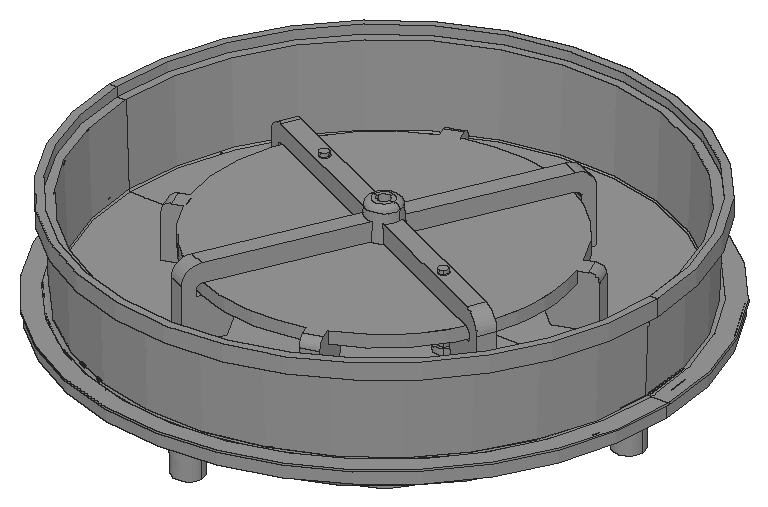
Revit family "MH-X01", category Plumbing Fixtures, Revit 2015
Parameters (values of type "MH-301")
  r2 = (12.59843" - 11.14173") / 2  # 0.72835"
  od3 = 0.19497"
  od2 = od1 - 0.07874"  # 0.31496"
  od1 = 0.3937"
  max dia = 25/64"
  linearW = 2.12598"
  linearL = 0.98425"
  id3 = od3 / 2  # 0.09748"
  id1 = od1 / 2  # 0.19685"
  URL = "www.mifab.com"
  SC2 = SC1 / 1.5  # 0.11087"
  SC1 = 0.1663"
  RP2 = id1  # 0.19685"
  Model = "MH-301"
  Manufacturer = "MIFAB\r\n\r\nMIFAB\r\nMIFAB"
  Description = "3\" HydroMax Siphonic Overflow Roof Drain"
  R bottom = 1.35827"
  Default Elevation = 48"
  D1 [instance] = 2 * R bottom  # 2.71654"
  C'1 = C' + 0.41339"  # 4.05512"
  C' = C / 2  # 3.64173"
  RP1 = od2 / 2  # 0.15748"
  R1 = 1.9685" / 9.375  # 0.20997"
  PIPE SIZE' = PIPE SIZE / 2  # 1.47638"
  PIPE SIZE = 2.95276"
  Material [instance] = Stainless Steel AISI 304
  D = 3.11024"
  C = 7.28346"
  B01 = B' - od1  # 5.49213"
  B' = B / 2  # 5.88583"
  B = 11.77165"
  A' = A / 2  # 6.49606"
  A = 12.99213"
Types (5): name | od3 | od2 | od1 | max dia | linearW | linearL | id3 | id1 | RP2 | Model | Description | C'1 | C' | RP1 | PIPE SIZE' | PIPE SIZE | D | C | B01 | B' | B | A' | A
  (no name) | 0.19497" | 0.31496" | 0.3937" | 25/64" | 2.12598" | 0.98425" | 0.09748" | 0.19685" | 0.19685" | "MH-301" | "3\" HydroMax Siphonic Overflow Roof Drain" | 4.05512" | 3.64173" | 0.15748" | 1.47638" | 2.95276" | 3.11024" | 7.28346" | 5.49213" | 5.88583" | 11.77165" | 6.49606" | 12.99213"
  MH-301 | 0.19497" | 0.31496" | 0.3937" | 25/64" | 2.12598" | 0.98425" | 0.09748" | 0.19685" | 0.19685" | "MH-301" | "3\" HydroMax Siphonic Overflow Roof Drain" | 4.05512" | 3.64173" | 0.15748" | 1.47638" | 2.95276" | 3.11024" | 7.28346" | 5.49213" | 5.88583" | 11.77165" | 6.49606" | 12.99213"
  MH-401 | 0.19497" | 0.31496" | 0.3937" | 141/256" | 3.54331" | 1.65354" | 0.09748" | 0.19685" | 0.19685" | "MH-401" | "4\" HydroMax Siphonic Overflow Roof Drain" | 5.74803" | 5.33465" | 0.15748" | 1.9685" | 3.93701" | 3.54331" | 10.66929" | 8.52362" | 8.91732" | 17.83465" | 9.68504" | 19.37008"
  MH-501 | 0.19497" | 0.3937" | 0.47244" | 141/256" | 3.93701" | 1.83071" | 0.09748" | 0.23622" | 0.23622" | "MH-501" | "5\" HydroMax Siphonic Overflow Roof Drain" | 6.51575" | 6.10236" | 0.19685" | 2.46063" | 4.92126" | 4.33071" | 12.20472" | 8.44488" | 8.91732" | 17.83465" | 9.68504" | 19.37008"
  MH-601 | 0.27559" | 0.47244" | 0.55118" | 1 17/64" | 5.51181" | 2.55906" | 0.1378" | 0.27559" | 0.27559" | "MH-601" | "6\" HydroMax Siphonic Overflow Roof Drain" | 8.18898" | 7.77559" | 0.23622" | 2.95276" | 5.90551" | 4.72441" | 15.55118" | 10.59055" | 11.14173" | 22.28346" | 12.59843" | 25.19685"
Reference planes (in)
  plane 1 "Center (Front/Back)": y = 0
  plane 2: z = 0
  plane 3 "Center (Left/Right)": x = 0
  plane 4: x = -5.88583
  plane 5: x = -1.47638
  plane 6: z = -3.11024
  plane 7: x = -10.67639
  plane 8 "30.16": z = -1.1874
  plane 9: y = 5.88583
  plane 10: y = -5.88583
  plane 11: x = 5.88583
  plane 12: y = 5.49213
  plane 13: y = -5.49213
  plane 14: x = -5.49213
  plane 15: x = 5.49213
  plane 16: z = -1.50236
  plane 17: x = 3.64173
  plane 18: x = -3.64173
  plane 19: y = 3.64173
  plane 20: y = -3.64173
  plane 21: through (-3.9624, 1.85193, 47.24409) normal (0.4226, 0.9063, 0)
  plane 22: through (1.68821, 3.64509, 47.24409) normal (0.9063, -0.4226, 0)
  plane 23: through (0.00098, -0.00221, 47.24409) normal (0.342, -0.9397, 0)
  plane 24: through (0, 0, 47.24409) normal (0.9397, 0.342, 0)
  plane 25: x = 2.12598
  plane 26: y = -0.98425
  plane 27: through (27.53366, 1.85193, 47.24409) normal (0.4226, 0.9063, 0)
  plane 28: through (31.50514, 0, 47.24409) normal (-0.9063, 0.4226, 0)
  plane 29: z = 2.02323
Forms (in)
  Revolve 1, solid, material "Stainless Steel AISI 304" <- "Material"
    sketch origin (0, 0, 0) x (1, 0, 0) y (0, 0, 1)
      loop
        line (-1.47638, -3.11024) -> (-1.35827, -3.11024) -> (-1.35827, -1.69291)
        arc (-1.35827, -1.69291) -> (-1.6445, -0.99713) -> (-2.33935, -0.70866) r 0.98109
        line (-2.33935, -0.70866) -> (-5.42977, -0.70866) -> (-5.83536, -0.1456)
        arc (-5.83536, -0.1456) -> (-5.96308, -0.06025) -> (-6.11374, -0.03028) r 0.3937
        line (-6.11374, -0.03028) -> (-6.34843, -0.03028) -> (-6.34843, -0.30588) -> (-6.19094, -0.30588)
        arc (-6.19094, -0.30588) -> (-6.03839, -0.23141) -> (-5.88583, -0.30588) r 0.19351
        line (-5.88583, -0.30588) -> (-5.47576, -0.82677) -> (-2.46063, -0.82677)
        arc (-2.46063, -0.82677) -> (-1.76466, -1.11505) -> (-1.47638, -1.81102) r 0.98425
        line (-1.47638, -1.81102) -> (-1.47638, -3.11024)
      axis (0, -0.03028) -> (0, -3.11024)
    angle from 0 to 360
  Extrusion 2, void
    sketch origin (0, 0, 0) x (1, 0, 0) y (0, 1, 0)
      loop
        circle (0, 5.49213) r 0.19685
      loop
        circle (5.49213, 0) r 0.19685
      loop
        circle (-5.49213, 0) r 0.19685
      loop
        circle (0, -5.49213) r 0.19685
    from -1.9685 to -0.82677
  Revolve 3, solid, material "Stainless Steel AISI 304" <- "Material"
    sketch origin (0, 0, 0) x (1, 0, 0) y (0, 0, 1)
      loop
        line (-6.39725, -0.03028) -> (-6.00663, -0.03028)
        arc (-6.00663, -0.03028) -> (-5.94327, -0.04007) -> (-5.88583, -0.06851) r 0.20997
        line (-5.88583, -0.06851) -> (-5.77012, -0.22777) -> (0, -0.22777) -> (0, -0.1884) -> (-5.75006, -0.1884) -> (-5.85726, -0.04085)
        arc (-5.85726, -0.04085) -> (-5.92791, -0.00387) -> (-6.00663, 0.00889) r 0.24915
        line (-6.00663, 0.00889) -> (-6.39725, 0.00889) -> (-6.39725, -0.03028)
      axis (0, -0.22777) -> (0, 0.00889)
    angle from 0 to 360
  Revolve 4, void
    sketch origin (0, 0, 0) x (1, 0, 0) y (0, 0, 1)
      loop
        line (-3.64173, 0.00889) -> (-3.99784, 0.00889)
        arc (-3.99784, 0.00889) -> (-3.96759, -0.02595) -> (-3.95669, -0.07078) r 0.09771
        line (-3.95669, -0.07078) -> (-3.95669, -0.30588) -> (-3.64173, -0.30588) -> (-3.64173, 0.00889)
      axis (-3.64173, 0.00889) -> (-3.64173, -0.30588)
    angle from 0 to 360
  Revolve 5, solid, material "Stainless Steel AISI 304" <- "Material"
    sketch origin (0, 0, 0) x (1, 0, 0) y (0, 0, 1)
      loop
        line (0, -0.1884) -> (0, 0.02267) -> (-5.70043, 0.02267) -> (-5.73089, 0.05314) -> (-5.79276, 1.82496) -> (-5.98816, 1.82496) -> (-5.98816, 2.02323) -> (-6.14564, 2.02323) -> (-6.14564, 1.66748) -> (-5.94484, 1.66748) -> (-5.88583, -0.02246) -> (-5.85726, -0.04085) -> (-5.75006, -0.1884) -> (0, -0.1884)
      axis (0, -0.1884) -> (0, 2.02323)
    angle from 0 to 360
  Revolve 6, void
    sketch origin (0, 0, 0) x (-1, 0, 0) y (0, 0, 1)
      loop
        line (-3.64173, 0.00889) -> (-3.99784, 0.00889)
        arc (-3.99784, 0.00889) -> (-3.96759, -0.02595) -> (-3.95669, -0.07078) r 0.09771
        line (-3.95669, -0.07078) -> (-3.95669, -0.30588) -> (-3.64173, -0.30588) -> (-3.64173, 0.00889)
      axis (-3.64173, 0.00889) -> (-3.64173, -0.30588)
    angle from 0 to 360
  Revolve 7, void
    sketch origin (-3.64173, -3.64173, 0) x (-1, 0, 0) y (0, 0, 1)
      loop
        line (-3.64173, 0.00889) -> (-4.03721, 0.00889)
        arc (-4.03721, 0.00889) -> (-4.00696, -0.02595) -> (-3.99606, -0.07078) r 0.09771
        line (-3.99606, -0.07078) -> (-3.99606, -0.30588) -> (-3.64173, -0.30588) -> (-3.64173, 0.00889)
      axis (-3.64173, 0.00889) -> (-3.64173, -0.30588)
    angle from 0 to 360
  Revolve 8, void
    sketch origin (-3.64173, 3.64173, 0) x (-1, 0, 0) y (0, 0, 1)
      loop
        line (-3.64173, 0.00889) -> (-4.03721, 0.00889)
        arc (-4.03721, 0.00889) -> (-4.00696, -0.02595) -> (-3.99606, -0.07078) r 0.09771
        line (-3.99606, -0.07078) -> (-3.99606, -0.30588) -> (-3.64173, -0.30588) -> (-3.64173, 0.00889)
      axis (-3.64173, 0.00889) -> (-3.64173, -0.30588)
    angle from 0 to 360
  Revolve 9, solid, material "Stainless Steel AISI 304" <- "Material"
    sketch origin (0, 0, 0) x (1, 0, 0) y (0, 0, 1)
      loop
        line (-3.91891, 0.00889) -> (-3.85191, -0.13565) -> (-3.80804, -0.13565) -> (-3.80804, -1.07116) -> (-3.77117, -1.10803) -> (-3.75901, -1.15338) -> (-3.725, -1.1874) -> (-3.64173, -1.1874) -> (-3.64173, 0.00889) -> (-3.91891, 0.00889)
      axis (-3.64173, -1.1874) -> (-3.64173, 0.00889)
    angle from 0 to 360
  Revolve 10, solid, material "Stainless Steel AISI 304" <- "Material"
    sketch origin (0, 0, 0) x (-1, 0, 0) y (0, 0, 1)
      loop
        line (-3.91891, 0.00889) -> (-3.85191, -0.13565) -> (-3.80804, -0.13565) -> (-3.80804, -1.07116) -> (-3.77117, -1.10803) -> (-3.75901, -1.15338) -> (-3.725, -1.1874) -> (-3.64173, -1.1874) -> (-3.64173, 0.00889) -> (-3.91891, 0.00889)
      axis (-3.64173, -1.1874) -> (-3.64173, 0.00889)
    angle from 0 to 360
  Revolve 11, solid, material "Stainless Steel AISI 304" <- "Material"
    sketch origin (-3.64173, -3.64173, 0) x (-1, 0, 0) y (0, 0, 1)
      loop
        line (-3.91891, 0.00889) -> (-3.85191, -0.13565) -> (-3.80804, -0.13565) -> (-3.80804, -1.07116) -> (-3.77117, -1.10803) -> (-3.75901, -1.15338) -> (-3.725, -1.1874) -> (-3.64173, -1.1874) -> (-3.64173, 0.00889) -> (-3.91891, 0.00889)
      axis (-3.64173, -1.1874) -> (-3.64173, 0.00889)
    angle from 0 to 360
  Revolve 12, solid, material "Stainless Steel AISI 304" <- "Material"
    sketch origin (-3.64173, 3.64173, 0) x (-1, 0, 0) y (0, 0, 1)
      loop
        line (-3.91891, 0.00889) -> (-3.85191, -0.13565) -> (-3.80804, -0.13565) -> (-3.80804, -1.07116) -> (-3.77117, -1.10803) -> (-3.75901, -1.15338) -> (-3.725, -1.1874) -> (-3.64173, -1.1874) -> (-3.64173, 0.00889) -> (-3.91891, 0.00889)
      axis (-3.64173, -1.1874) -> (-3.64173, 0.00889)
    angle from 0 to 360
  Revolve 13, solid, material "Stainless Steel AISI 304" <- "Material"
    sketch origin (0, 0, 0) x (0, -1, 0) y (0, 0, 1)
      loop
        line (-3.95111, -1.50493) -> (-3.64173, -1.50493) -> (-3.64173, -0.82677) -> (-4.0951, -0.82677)
        arc (-4.0951, -0.82677) -> (-4.05198, -0.85705) -> (-4.03543, -0.90707) r 0.08386
        line (-4.03543, -0.90707) -> (-3.98863, -1.47078)
        arc (-3.98863, -1.47078) -> (-3.97647, -1.49511) -> (-3.95111, -1.50493) r 0.03769
      axis (-3.64173, -1.50493) -> (-3.64173, -0.82677)
    angle from 0 to 360
  Revolve 14, solid, material "Stainless Steel AISI 304" <- "Material"
    sketch origin (3.64173, -7.77559, 0) x (0, -1, 0) y (0, 0, 1)
      loop
        line (-8.08496, -1.50493) -> (-7.77559, -1.50493) -> (-7.77559, -0.82677) -> (-8.22896, -0.82677)
        arc (-8.22896, -0.82677) -> (-8.18584, -0.85705) -> (-8.16929, -0.90707) r 0.08386
        line (-8.16929, -0.90707) -> (-8.12249, -1.47078)
        arc (-8.12249, -1.47078) -> (-8.11033, -1.49511) -> (-8.08496, -1.50493) r 0.03769
      axis (-7.77559, -1.50493) -> (-7.77559, -0.82677)
    angle from 0 to 360
  Revolve 15, solid, material "Stainless Steel AISI 304" <- "Material"
    sketch origin (0, 0, 0) x (1, 0, 0) y (0, 0, 1)
      loop
        arc (5.82418, -0.42226) -> (5.84804, -0.36038) -> (5.88583, -0.30588) r 0.27909
        line (5.88583, -0.30588) -> (5.49213, -0.30588) -> (5.49213, -1.1874) -> (5.80709, -1.1874) -> (5.82418, -0.42226)
      axis (5.49213, -1.1874) -> (5.49213, -0.30588)
    angle from 0 to 360
  Revolve 16, solid, material "Stainless Steel AISI 304" <- "Material"
    sketch origin (0, 0, 0) x (-1, 0, 0) y (0, 0, 1)
      loop
        arc (5.8198, -0.42524) -> (5.8455, -0.36204) -> (5.88583, -0.30702) r 0.27767
        line (5.88583, -0.30702) -> (5.49213, -0.30702) -> (5.49213, -1.30551) -> (5.80709, -1.30551) -> (5.8198, -0.42524)
      axis (5.49213, -1.30551) -> (5.49213, -0.30702)
    angle from 0 to 360
  Extrusion 17, solid, material "Stainless Steel AISI 304" <- "Material"
    sketch origin (-1.52233, 1.38829, 0) x (-0.422618, -0.906308, 0) y (0, 0, -1)
      loop
        line (-3.4441, -0.00889) -> (-3.4441, -1.18999)
        arc (-3.4441, -1.18999) -> (-3.32879, -1.46838) -> (-3.0504, -1.58369) r 0.3937
        line (-3.0504, -1.58369) -> (-2.02432, -1.58369)
        arc (-2.02432, -1.58369) -> (-1.98171, -1.56128) -> (-1.97606, -1.51347) r 0.05169
        line (-1.97606, -1.51347) -> (-2.05587, -1.30555)
        arc (-2.05587, -1.30555) -> (-2.12064, -1.2234) -> (-2.22055, -1.19237) r 0.1764
        line (-2.22055, -1.19237) -> (-3.03449, -1.19237)
        arc (-3.03449, -1.19237) -> (-3.12981, -1.15289) -> (-3.16929, -1.05757) r 0.1348
        line (-3.16929, -1.05757) -> (-3.16929, -0.92777) -> (-2.33612, -0.92777)
        arc (-2.33612, -0.92777) -> (-2.25952, -0.88747) -> (-2.24935, -0.80151) r 0.09295
        line (-2.24935, -0.80151) -> (-2.55361, -0.00889) -> (-3.4441, -0.00889)
    from 1.76357 to 2.14838
  Extrusion 18, solid, material "Stainless Steel AISI 304" <- "Material"
    sketch origin (1.37256, 1.52238, 0) x (-0.906308, 0.422618, 0) y (0, 0, -1)
      loop
        line (-3.4441, -0.00889) -> (-3.4441, -1.18999)
        arc (-3.4441, -1.18999) -> (-3.32879, -1.46838) -> (-3.0504, -1.58369) r 0.3937
        line (-3.0504, -1.58369) -> (-2.02432, -1.58369)
        arc (-2.02432, -1.58369) -> (-1.98171, -1.56128) -> (-1.97606, -1.51347) r 0.05169
        line (-1.97606, -1.51347) -> (-2.05587, -1.30555)
        arc (-2.05587, -1.30555) -> (-2.12064, -1.2234) -> (-2.22055, -1.19237) r 0.1764
        line (-2.22055, -1.19237) -> (-3.03449, -1.19237)
        arc (-3.03449, -1.19237) -> (-3.12981, -1.15289) -> (-3.16929, -1.05757) r 0.1348
        line (-3.16929, -1.05757) -> (-3.16929, -0.92777) -> (-2.33612, -0.92777)
        arc (-2.33612, -0.92777) -> (-2.25952, -0.88747) -> (-2.24935, -0.80151) r 0.09295
        line (-2.24935, -0.80151) -> (-2.55361, -0.00889) -> (-3.4441, -0.00889)
    from 1.76357 to 2.14838
  Extrusion 19, solid, material "Stainless Steel AISI 304" <- "Material"
    sketch origin (0.26502, 2.03883, 0) x (0.906308, -0.422618, 0) y (0, 0, 1)
      loop
        line (-3.4441, 0.00889) -> (-2.55361, 0.00889) -> (-2.24935, 0.80151)
        arc (-2.24935, 0.80151) -> (-2.25952, 0.88747) -> (-2.33612, 0.92777) r 0.09295
        line (-2.33612, 0.92777) -> (-3.16929, 0.92777) -> (-3.16929, 1.05757)
        arc (-3.16929, 1.05757) -> (-3.12981, 1.15289) -> (-3.03449, 1.19237) r 0.1348
        line (-3.03449, 1.19237) -> (-2.22055, 1.19237)
        arc (-2.22055, 1.19237) -> (-2.12064, 1.2234) -> (-2.05587, 1.30555) r 0.1764
        line (-2.05587, 1.30555) -> (-1.97606, 1.51347)
        arc (-1.97606, 1.51347) -> (-1.98171, 1.56128) -> (-2.02432, 1.58369) r 0.05169
        line (-2.02432, 1.58369) -> (-3.0504, 1.58369)
        arc (-3.0504, 1.58369) -> (-3.32879, 1.46838) -> (-3.4441, 1.18999) r 0.3937
        line (-3.4441, 1.18999) -> (-3.4441, 0.00889)
    from 1.76357 to 2.14838
  Extrusion 20, solid, material "Stainless Steel AISI 304" <- "Material"
    sketch origin (0.09564, -2.04927, 0) x (0.939693, 0.34202, 0) y (0, 0, -1)
      loop
        line (-3.4441, -0.00889) -> (-3.4441, -0.99552)
        arc (-3.4441, -0.99552) -> (-3.38644, -1.13472) -> (-3.24725, -1.19237) r 0.19685
        line (-3.24725, -1.19237) -> (-2.90652, -1.19237)
        arc (-2.90652, -1.19237) -> (-3.00184, -1.15289) -> (-3.04132, -1.05757) r 0.1348
        line (-3.04132, -1.05757) -> (-3.04132, -0.92777) -> (-2.33612, -0.92777)
        arc (-2.33612, -0.92777) -> (-2.25952, -0.88747) -> (-2.24935, -0.80151) r 0.09295
        line (-2.24935, -0.80151) -> (-2.55361, -0.00889) -> (-3.4441, -0.00889)
    from 1.76357 to 2.14838
  Extrusion 21, solid, material "Stainless Steel AISI 304" <- "Material"
    sketch origin (-2.03878, 0.28075, 0) x (0.422618, 0.906308, 0) y (0, 0, 1)
      loop
        line (-3.4441, 0.00889) -> (-2.55361, 0.00889) -> (-2.24935, 0.80151)
        arc (-2.24935, 0.80151) -> (-2.25952, 0.88747) -> (-2.33612, 0.92777) r 0.09295
        line (-2.33612, 0.92777) -> (-3.16929, 0.92777) -> (-3.16929, 1.05757)
        arc (-3.16929, 1.05757) -> (-3.12981, 1.15289) -> (-3.03449, 1.19237) r 0.1348
        line (-3.03449, 1.19237) -> (-2.22055, 1.19237)
        arc (-2.22055, 1.19237) -> (-2.12064, 1.2234) -> (-2.05587, 1.30555) r 0.1764
        line (-2.05587, 1.30555) -> (-1.97606, 1.51347)
        arc (-1.97606, 1.51347) -> (-1.98171, 1.56128) -> (-2.02432, 1.58369) r 0.05169
        line (-2.02432, 1.58369) -> (-3.0504, 1.58369)
        arc (-3.0504, 1.58369) -> (-3.32879, 1.46838) -> (-3.4441, 1.18999) r 0.3937
        line (-3.4441, 1.18999) -> (-3.4441, 0.00889)
    from 1.76357 to 2.14838
  Extrusion 22, solid, material "Stainless Steel AISI 304" <- "Material"
    sketch origin (-0.00697, 0.00917, 0) x (0.707107, 0.707107, 0) y (-0.707107, 0.707107, 0)
      loop
        circle (-0.00338, -0.01323) r 3.64173
    from 0.92777 to 1.19237
  Revolve 23, solid, material "Stainless Steel AISI 304" <- "Material"
    sketch origin (0, 0, 0) x (0, 1, 0) y (0, 0, 1)
      loop
        line (-3.95111, -1.50107) -> (-3.64173, -1.50107) -> (-3.64173, -0.82677) -> (-4.0951, -0.82677)
        arc (-4.0951, -0.82677) -> (-4.05198, -0.85705) -> (-4.03543, -0.90707) r 0.08386
        line (-4.03543, -0.90707) -> (-3.98872, -1.46575)
        arc (-3.98872, -1.46575) -> (-3.9769, -1.49085) -> (-3.95111, -1.50107) r 0.03769
      axis (-3.64173, -1.50107) -> (-3.64173, -0.82677)
    angle from 0 to 360
  Extrusion 24, solid, material "Stainless Steel AISI 304" <- "Material"
    sketch origin (0, 0, 0) x (1, 0, 0) y (0, 1, 0)
      loop
        line (-2.79465, 1.5197) -> (-2.95728, 1.17094) -> (2.77897, -1.50392) -> (2.9416, -1.15516) -> (-2.79465, 1.5197)
    from 1.19237 to 1.58369
  Extrusion 25, solid, material "Stainless Steel AISI 304" <- "Material"
    sketch origin (0.00005, 0.01573, 0) x (0, 1, 0) y (-1, 0, 0)
      loop
        line (2.77897, -1.50392) -> (2.9416, -1.15516) -> (-2.79465, 1.5197) -> (-2.95728, 1.17094) -> (2.77897, -1.50392)
    from 1.19237 to 1.58369
  Extrusion 26, solid, material "Stainless Steel AISI 304" <- "Material"
    sketch origin (2.04782, 0.09254, 0) x (-0.34202, 0.939693, 0) y (0, 0, -1)
      loop
        line (-3.4441, -0.00889) -> (-3.4441, -0.99552)
        arc (-3.4441, -0.99552) -> (-3.38644, -1.13472) -> (-3.24725, -1.19237) r 0.19685
        line (-3.24725, -1.19237) -> (-2.90652, -1.19237)
        arc (-2.90652, -1.19237) -> (-3.00184, -1.15289) -> (-3.04132, -1.05757) r 0.1348
        line (-3.04132, -1.05757) -> (-3.04132, -0.92777) -> (-2.33612, -0.92777)
        arc (-2.33612, -0.92777) -> (-2.25952, -0.88747) -> (-2.24935, -0.80151) r 0.09295
        line (-2.24935, -0.80151) -> (-2.55361, -0.00889) -> (-3.4441, -0.00889)
    from 1.76357 to 2.14838
  Extrusion 27, solid, material "Stainless Steel AISI 304" <- "Material"
    sketch origin (1.62986, 1.24088, 0) x (0.34202, -0.939693, 0) y (0, 0, 1)
      loop
        line (-3.4441, 0.00889) -> (-2.55361, 0.00889) -> (-2.24935, 0.80151)
        arc (-2.24935, 0.80151) -> (-2.25952, 0.88747) -> (-2.33612, 0.92777) r 0.09295
        line (-2.33612, 0.92777) -> (-3.04132, 0.92777) -> (-3.04132, 1.05757)
        arc (-3.04132, 1.05757) -> (-3.00184, 1.15289) -> (-2.90652, 1.19237) r 0.1348
        line (-2.90652, 1.19237) -> (-3.24725, 1.19237)
        arc (-3.24725, 1.19237) -> (-3.38644, 1.13472) -> (-3.4441, 0.99552) r 0.19685
        line (-3.4441, 0.99552) -> (-3.4441, 0.00889)
    from 1.76357 to 2.14838
  Extrusion 28, solid, material "Stainless Steel AISI 304" <- "Material"
    sketch origin (1.24398, -1.6313, 0) x (-0.939693, -0.34202, 0) y (0, 0, 1)
      loop
        line (-3.4441, 0.00889) -> (-2.55361, 0.00889) -> (-2.24935, 0.80151)
        arc (-2.24935, 0.80151) -> (-2.25952, 0.88747) -> (-2.33612, 0.92777) r 0.09295
        line (-2.33612, 0.92777) -> (-3.04132, 0.92777) -> (-3.04132, 1.05757)
        arc (-3.04132, 1.05757) -> (-3.00184, 1.15289) -> (-2.90652, 1.19237) r 0.1348
        line (-2.90652, 1.19237) -> (-3.24725, 1.19237)
        arc (-3.24725, 1.19237) -> (-3.38644, 1.13472) -> (-3.4441, 0.99552) r 0.19685
        line (-3.4441, 0.99552) -> (-3.4441, 0.00889)
    from 1.76357 to 2.14838
  Revolve 29, solid, material "Stainless Steel AISI 304" <- "Material"
    sketch origin (-3.64173, -7.77559, 0) x (0, -1, 0) y (0, 0, 1)
      loop
        line (-8.08496, -1.50493) -> (-7.77559, -1.50493) -> (-7.77559, -0.82677) -> (-8.22896, -0.82677)
        arc (-8.22896, -0.82677) -> (-8.18584, -0.85705) -> (-8.16929, -0.90707) r 0.08386
        line (-8.16929, -0.90707) -> (-8.12249, -1.47078)
        arc (-8.12249, -1.47078) -> (-8.11033, -1.49511) -> (-8.08496, -1.50493) r 0.03769
      axis (-7.77559, -1.50493) -> (-7.77559, -0.82677)
    angle from 0 to 360
  Revolve 30, solid, material "Stainless Steel AISI 304" <- "Material"
    sketch origin (0, 0, 0) x (1, 0, 0) y (0, 0, 1)
      loop
        line (-0.1378, 1.89029) -> (-0.22757, 1.89029)
        arc (-0.22757, 1.89029) -> (-0.31424, 1.85615) -> (-0.35435, 1.77207) r 0.12709
        line (-0.35435, 1.77207) -> (-0.41339, 0.92777) -> (-0.1378, 0.92777) -> (-0.1378, 1.89029)
      axis (0, 0.92777) -> (0, 1.89029)
    angle from 0 to 360
  Extrusion 31, solid, material "Stainless Steel AISI 304" <- "Material"
    sketch origin (0, 0, 0) x (1, 0, 0) y (0, 1, 0)
      loop
        circle (-2.12598, 0.98425) r 0.11087
    from 0 to 1.58369
  Extrusion 32, solid, material "Stainless Steel AISI 304" <- "Material"
    sketch origin (0, 0, 0) x (1, 0, 0) y (0, 1, 0)
      loop
        circle (-2.12598, 0.98425) r 0.09748
    from 1.58369 to 1.65396
  Extrusion 33, solid, material "Stainless Steel AISI 304" <- "Material"
    sketch origin (0, 0, 0) x (1, 0, 0) y (0, 1, 0)
      loop
        circle (-2.12598, 0.98425) r 0.19685
    from 0 to 0.14616
  Extrusion 34, solid, material "Stainless Steel AISI 304" <- "Material"
    sketch origin (-0.01892, 0.00882, 0) x (-0.642788, 0.766044, 0) y (-0.766044, -0.642788, 0)
      loop
        circle (-2.13946, -1.00476) r 0.11087
    from 0 to 1.58369
  Extrusion 35, solid, material "Stainless Steel AISI 304" <- "Material"
    sketch origin (-0.01892, 0.00882, 0) x (-0.642788, 0.766044, 0) y (-0.766044, -0.642788, 0)
      loop
        circle (-2.13946, -1.00476) r 0.09748
    from 1.58369 to 1.65396
  Extrusion 36, solid, material "Stainless Steel AISI 304" <- "Material"
    sketch origin (-0.01892, 0.00882, 0) x (-0.642788, 0.766044, 0) y (-0.766044, -0.642788, 0)
      loop
        circle (-2.13946, -1.00476) r 0.19685
    from 0 to 0.14616
  Revolve 37, solid, material "Stainless Steel AISI 304" <- "Material"
    sketch origin (5.49213, 5.49213, 0) x (-1, 0, 0) y (0, 0, 1)
      loop
        arc (5.81041, -0.4128) -> (5.83851, -0.33845) -> (5.88583, -0.27459) r 0.28864
        line (5.88583, -0.27459) -> (5.49213, -0.27459) -> (5.49213, -1.30551) -> (5.80709, -1.30551) -> (5.81041, -0.4128)
      axis (5.49213, -1.30551) -> (5.49213, -0.27459)
    angle from 0 to 360
  Revolve 38, solid, material "Stainless Steel AISI 304" <- "Material"
    sketch origin (10.57418, -5.49213, 0) x (-1, 0, 0) y (0, 0, 1)
      loop
        arc (10.90624, -0.42226) -> (10.9301, -0.36038) -> (10.96788, -0.30588) r 0.27909
        line (10.96788, -0.30588) -> (10.57418, -0.30588) -> (10.57418, -1.22677) -> (10.88914, -1.22677) -> (10.90624, -0.42226)
      axis (10.57418, -1.22677) -> (10.57418, -0.30588)
    angle from 0 to 360
Cuts and joins
  Revolve 4 cuts Revolve 3
  Revolve 4, Revolve 6, Revolve 7, Revolve 8 cuts Revolve 5
  Revolve 4 cuts Revolve 1
  Extrusion 2 cuts Revolve 15
  Extrusion 2 cuts Revolve 16
  joined: Extrusion 17, Extrusion 18, Extrusion 19, Extrusion 21, Extrusion 24, Extrusion 25
  Extrusion 2 cuts Revolve 37
  Extrusion 2 cuts Revolve 38
  joined: Extrusion 20, Extrusion 22, Extrusion 26, Extrusion 27, Extrusion 28
Lines and regions (in)
  model lines
    curve 1: circle (0, 0, 0) r 5.88583 normal (0, 0, 1)
    curve 2: circle (0, 0, 0) r 6.10236 normal (0, 0, 1)
    curve 3: circle (0, 0, 0) r 3.64173 normal (0, 0, 1)
    curve 4: circle (0, -0.00257, 0) r 3.05103 normal (0, 0, 1)
    curve 7: circle (0, 0, 0) r 5.88583 normal (0, 0, 1)
  reference lines
    curve 5: line (-2.12598, 1.24958, 0) -> (-2.12598, -0.50454, 0)
    curve 6: line (-1.51876, 0.98425, 0) -> (1.61996, 0.98425, 0)
Dimensions and locks (in)
  "B'": plane 4 to plane 3 "Center (Left/Right)"  (x2)
  "PIPE SIZE'": plane 3 "Center (Left/Right)" to plane 5
  "D": level to plane 6
  Revolve 1 sketch curve to Revolve 1 sketch curve = 0.11811"
  locked: Revolve 1 sketch curve to Revolve 1 sketch curve at 0.27559
  "RP1": Revolve 1 sketch curve to Revolve 1 sketch curve
  locked: level to plane 8 "30.16" at 1.1874
  "B'": plane 10 to plane 1 "Center (Front/Back)"
  "B'": plane 9 to plane 1 "Center (Front/Back)"
  "B'": plane 11 to plane 3 "Center (Left/Right)"
  "B01": plane 12 to plane 1 "Center (Front/Back)"
  "B01": plane 1 "Center (Front/Back)" to plane 13
  "B01": plane 3 "Center (Left/Right)" to plane 15
  "B01": plane 14 to plane 3 "Center (Left/Right)"
  locked: Revolve 3 sketch curve to Revolve 3 sketch curve at 0.03937
  plane 8 "30.16" to plane 16 = 0.31496"
  "C'": plane 3 "Center (Left/Right)" to plane 17
  "C'": plane 18 to plane 3 "Center (Left/Right)"
  "od2": Revolve 4 sketch curve to Revolve 4 sketch curve
  "od2": plane 17 to Revolve 6 sketch curve
  "C'": plane 1 "Center (Front/Back)" to plane 19
  "C'": plane 20 to plane 1 "Center (Front/Back)"
  "SC1": Revolve 9 sketch curve to Revolve 9 sketch curve
  "SC2": Revolve 9 sketch curve to Revolve 9 sketch curve
  "SC1": Revolve 10 sketch curve to Revolve 10 sketch curve
  "SC2": Revolve 10 sketch curve to Revolve 10 sketch curve
  "SC1": Revolve 11 sketch curve to Revolve 11 sketch curve
  "SC2": Revolve 11 sketch curve to Revolve 11 sketch curve
  "SC1": Revolve 12 sketch curve to Revolve 12 sketch curve
  "SC2": Revolve 12 sketch curve to Revolve 12 sketch curve
  "od1": Revolve 13 sketch curve to Revolve 13 sketch curve
  "od1": Revolve 14 sketch curve to Revolve 14 sketch curve
  "od1": Revolve 15 sketch curve to plane 15
  "RP2": plane 16 to cut or joined group of Extrusion 2, Revolve 16
  "C'1": plane 22 to Extrusion 18
  "C'1": plane 22 to Extrusion 19
  "C'1": plane 24 to Extrusion 20
  "C'1": plane 21 to Extrusion 17
  "C'1": plane 21 to Extrusion 21
  "od1": Revolve 23 sketch curve to Revolve 23 sketch curve
  "C'1": plane 23 to Extrusion 26
  "C'1": plane 23 to Extrusion 27
  "C'1": plane 24 to Extrusion 28
  "od1": Revolve 29 sketch curve to Revolve 29 sketch curve
  "linearL": plane 1 "Center (Front/Back)" to curve 6
  "linearW": curve 5 to plane 3 "Center (Left/Right)"
  "linearL": plane 1 "Center (Front/Back)" to plane 26
  "linearW": plane 3 "Center (Left/Right)" to plane 25
  "od1": Revolve 37 sketch curve to Revolve 37 sketch curve
  "od2": Revolve 37 sketch curve to Revolve 37 sketch curve
  "od1": Revolve 38 sketch curve to Revolve 38 sketch curve
  "od2": Revolve 38 sketch curve to Revolve 38 sketch curve
  "od2": Revolve 15 sketch curve to Revolve 15 sketch curve
  "od1": Revolve 16 sketch curve to Revolve 16 sketch curve
  "od2": Revolve 16 sketch curve to Revolve 16 sketch curve
  plane 29 to level = 2.02323"
  "max dia": Revolve 3 sketch curve to Revolve 3 sketch curve
  "R bottom": plane 3 "Center (Left/Right)" to Revolve 1 sketch curve
  "id1": radius of Extrusion 2 sketch curve  (x4)
  "R1": radius of Revolve 3 sketch curve
  radius of Extrusion 22 sketch curve = 3.64173"
  "C'": radius of Extrusion 22 sketch curve
  "id1": radius of Extrusion 33 sketch curve
  "id3": radius of Extrusion 32 sketch curve
  "SC2": radius of Extrusion 31 sketch curve
  "id1": radius of Extrusion 36 sketch curve
  "id3": radius of Extrusion 35 sketch curve
  "SC2": radius of Extrusion 34 sketch curve
  angle plane 22 to plane 3 "Center (Left/Right)" = 25.00°
  angle plane 21 to plane 22 = 90.00°
  locked: plane 21 to plane 3 "Center (Left/Right)" (angle 115.00°)
  angle plane 23 to plane 22 = 45.00°
  aligned and locked: plane 2 to Revolve 1 sketch curve
  aligned and locked: Revolve 1 sketch curve to plane 3 "Center (Left/Right)"
  aligned and locked: plane 4 to Revolve 1 sketch curve
  aligned and locked: plane 12 to Extrusion 2 sketch curve
  aligned and locked: plane 3 "Center (Left/Right)" to Extrusion 2 sketch curve  (x2)
  aligned and locked: plane 15 to Extrusion 2 sketch curve
  aligned and locked: plane 1 "Center (Front/Back)" to Extrusion 2 sketch curve  (x2)
  aligned and locked: Revolve 3 sketch curve to Revolve 1  (x2)
  aligned and locked: Revolve 3 sketch curve to plane 3 "Center (Left/Right)"
  aligned and locked: Revolve 4 sketch curve to plane 18
  aligned and locked: Revolve 4 sketch curve to Revolve 3
  aligned and locked: Revolve 5 sketch curve to Revolve 3
  aligned and locked: plane 3 "Center (Left/Right)" to Revolve 5 sketch curve
  aligned and locked: plane 19 to Revolve 8
  aligned and locked: plane 20 to Revolve 7
  aligned and locked: plane 18 to Revolve 9 sketch curve
  aligned and locked: Revolve 9 sketch curve to Revolve 9 sketch curve
  aligned and locked: Revolve 10 sketch curve to Revolve 10 sketch curve
  aligned and locked: Revolve 11 sketch curve to Revolve 11 sketch curve
  aligned and locked: plane 20 to Revolve 11
  aligned and locked: Revolve 12 sketch curve to Revolve 12 sketch curve
  aligned and locked: plane 19 to Revolve 12
  aligned and locked: Revolve 13 sketch curve to Revolve 13 sketch curve
  aligned and locked: Revolve 14 sketch curve to Revolve 14 sketch curve
  aligned and locked: plane 17 to Revolve 14
  aligned and locked: plane 15 to Revolve 15 sketch curve
  aligned and locked: plane 8 "30.16" to Revolve 15 sketch curve
  aligned and locked: Revolve 15 sketch curve to Revolve 15 sketch curve  (x2)
  aligned and locked: Revolve 16 sketch curve to Revolve 16 sketch curve  (x2)
  aligned and locked: Revolve 23 sketch curve to Revolve 23 sketch curve
  aligned and locked: Extrusion 19 to Extrusion 24 sketch curve
  aligned and locked: Extrusion 24 sketch curve to Extrusion 18  (x2)
  aligned and locked: Revolve 29 sketch curve to Revolve 29 sketch curve
  aligned and locked: plane 18 to Revolve 29
  aligned and locked: plane 3 "Center (Left/Right)" to Revolve 30 sketch curve
  aligned and locked: Extrusion 25 sketch curve to Extrusion 17
  aligned and locked: Extrusion 25 sketch curve to Extrusion 21  (x3)
  aligned and locked: Extrusion 31 sketch curve to curve 6
  aligned and locked: curve 5 to Extrusion 31 sketch curve
  aligned and locked: Extrusion 31 to Extrusion 19
  aligned and locked: plane 14 to Extrusion 2 sketch curve
  aligned and locked: Extrusion 32 sketch curve to curve 6
  aligned and locked: curve 5 to Extrusion 32 sketch curve
  aligned and locked: curve 5 to Extrusion 33 sketch curve
  aligned and locked: Extrusion 33 sketch curve to curve 6
  aligned and locked: plane 26 to Extrusion 36 sketch curve
  aligned and locked: plane 25 to Extrusion 36 sketch curve
  aligned and locked: plane 25 to Extrusion 35 sketch curve
  aligned and locked: plane 26 to Extrusion 35 sketch curve
  aligned and locked: plane 25 to Extrusion 34 sketch curve
  aligned and locked: plane 26 to Extrusion 34 sketch curve
  aligned and locked: plane 13 to Extrusion 2 sketch curve
  aligned and locked: Revolve 37 sketch curve to Revolve 37 sketch curve  (x2)
  aligned and locked: plane 12 to cut or joined group of Extrusion 2, Revolve 37  (x2)
  aligned and locked: Revolve 38 sketch curve to Revolve 38 sketch curve  (x2)
  aligned and locked: plane 13 to Revolve 38
  aligned and locked: Revolve 37 sketch curve to plane 3 "Center (Left/Right)"
  aligned and locked: plane 3 "Center (Left/Right)" to Revolve 38 sketch curve
  aligned and locked: plane 14 to Revolve 16 sketch curve
Automatic sketch dimensions
  curve 1 to curve 2 = 0"  (x2)
  curve 1 to curve 3 = 0"
  curve 1 to curve 7 = 0"
  curve 2 to curve 3 = 0"
  curve 2 to curve 7 = 0"
  plane 1 "Center (Front/Back)" to curve 2 = 0"
  curve 2 to plane 3 "Center (Left/Right)" = 0"
  curve 4 to plane 3 "Center (Left/Right)" = 0"
  plane 23 to curve 4 = 0"
  Revolve 7 sketch curve to plane 3 "Center (Left/Right)" = 0"  (x2)
  Revolve 7 sketch curve to Revolve 7 sketch curve = 0.35433"
  Revolve 7 sketch curve to level = 0.00889"
  Revolve 7 sketch curve to Revolve 7 sketch curve = 0.04114"
  level to Revolve 7 sketch curve = 0.07078"
  Revolve 7 sketch curve to Revolve 7 sketch curve = 0.23509"
  plane 16 to Revolve 7 sketch curve = 139/256"
  Revolve 7 sketch curve to Revolve 7 sketch curve = 0.22923"
  Revolve 8 sketch curve to plane 3 "Center (Left/Right)" = 0"  (x2)
  plane 3 "Center (Left/Right)" to Revolve 8 sketch curve = 0.35433"
  level to Revolve 8 sketch curve = 0.00889"
  Revolve 8 sketch curve to Revolve 8 sketch curve = 0.04114"
  Revolve 8 sketch curve to level = 0.07078"
  Revolve 8 sketch curve to Revolve 8 sketch curve = 0.23509"
  Revolve 8 sketch curve to plane 16 = 139/256"
  Revolve 8 sketch curve to Revolve 8 sketch curve = 0.22923"
  level to Extrusion 17 sketch curve = 0.00889"
  plane 21 to Extrusion 17 sketch curve = 4.05512"
  Extrusion 17 sketch curve to Extrusion 17 sketch curve = 0.27481"
  Extrusion 17 sketch curve to Extrusion 17 sketch curve = 0.11889"
  Extrusion 17 sketch curve to Extrusion 17 sketch curve = 0.01591"
  Extrusion 17 sketch curve to Extrusion 17 sketch curve = 0.89049"
  Extrusion 17 sketch curve to Extrusion 17 sketch curve = 0.69837"
  level to Extrusion 17 sketch curve = 0.80151"
  Extrusion 17 sketch curve to Extrusion 17 sketch curve = 0.08677"
  Extrusion 17 sketch curve to Extrusion 17 sketch curve = 0.11557"
  level to Extrusion 17 sketch curve = 1.30555"
  Extrusion 17 sketch curve to Extrusion 17 sketch curve = 0.16468"
  Extrusion 17 sketch curve to Extrusion 17 sketch curve = 0.03155"
  level to Extrusion 17 sketch curve = 1.51347"
  Extrusion 17 sketch curve to Extrusion 17 sketch curve = 0.04826"
  Extrusion 17 sketch curve to Extrusion 17 sketch curve = 0.01853"
  Extrusion 17 sketch curve to Extrusion 17 sketch curve = 0.06322"
  Extrusion 17 sketch curve to Extrusion 17 sketch curve = 0.12981"
  level to Extrusion 18 sketch curve = 0.00889"
  plane 22 to Extrusion 18 sketch curve = 4.05512"
  Extrusion 18 sketch curve to Extrusion 18 sketch curve = 0.27481"
  Extrusion 18 sketch curve to Extrusion 18 sketch curve = 0.11889"
  Extrusion 18 sketch curve to Extrusion 18 sketch curve = 0.01591"
  Extrusion 18 sketch curve to Extrusion 18 sketch curve = 0.89049"
  Extrusion 18 sketch curve to Extrusion 18 sketch curve = 0.69837"
  level to Extrusion 18 sketch curve = 0.80151"
  Extrusion 18 sketch curve to Extrusion 18 sketch curve = 0.08677"
  Extrusion 18 sketch curve to Extrusion 18 sketch curve = 0.11557"
  level to Extrusion 18 sketch curve = 1.30555"
  Extrusion 18 sketch curve to Extrusion 18 sketch curve = 0.16468"
  Extrusion 18 sketch curve to Extrusion 18 sketch curve = 0.03155"
  level to Extrusion 18 sketch curve = 1.51347"
  Extrusion 18 sketch curve to Extrusion 18 sketch curve = 0.04826"
  Extrusion 18 sketch curve to Extrusion 18 sketch curve = 0.01853"
  Extrusion 18 sketch curve to Extrusion 18 sketch curve = 0.06322"
  Extrusion 18 sketch curve to Extrusion 18 sketch curve = 0.12981"
  level to Extrusion 19 sketch curve = 0.00889"
  Extrusion 19 sketch curve to plane 22 = 4.05512"
  Extrusion 19 sketch curve to Extrusion 19 sketch curve = 0.27481"
  Extrusion 19 sketch curve to Extrusion 19 sketch curve = 0.11889"
  Extrusion 19 sketch curve to Extrusion 19 sketch curve = 0.01591"
  Extrusion 19 sketch curve to Extrusion 19 sketch curve = 0.89049"
  Extrusion 19 sketch curve to Extrusion 19 sketch curve = 0.69837"
  level to Extrusion 19 sketch curve = 0.80151"
  Extrusion 19 sketch curve to Extrusion 19 sketch curve = 0.08677"
  Extrusion 19 sketch curve to Extrusion 19 sketch curve = 0.11557"
  level to Extrusion 19 sketch curve = 1.30555"
  Extrusion 19 sketch curve to Extrusion 19 sketch curve = 0.16468"
  Extrusion 19 sketch curve to Extrusion 19 sketch curve = 0.03155"
  level to Extrusion 19 sketch curve = 1.51347"
  Extrusion 19 sketch curve to Extrusion 19 sketch curve = 0.04826"
  Extrusion 19 sketch curve to Extrusion 19 sketch curve = 0.03331"
  Extrusion 19 sketch curve to Extrusion 19 sketch curve = 0.12981"
  Extrusion 19 sketch curve to Extrusion 19 sketch curve = 0.13242"
  level to Extrusion 20 sketch curve = 0.00889"
  Extrusion 20 sketch curve to plane 24 = 4.05512"
  Extrusion 20 sketch curve to Extrusion 20 sketch curve = 0.19685"
  Extrusion 20 sketch curve to Extrusion 20 sketch curve = 0.20592"
  Extrusion 20 sketch curve to Extrusion 20 sketch curve = 0.1348"
  Extrusion 20 sketch curve to Extrusion 20 sketch curve = 0.89049"
  Extrusion 20 sketch curve to Extrusion 20 sketch curve = 0.5704"
  level to Extrusion 20 sketch curve = 0.80151"
  Extrusion 20 sketch curve to Extrusion 20 sketch curve = 0.08677"
  Extrusion 20 sketch curve to Extrusion 20 sketch curve = 0.03331"
  Extrusion 20 sketch curve to Extrusion 20 sketch curve = 0.06775"
  level to Extrusion 21 sketch curve = 0.00889"
  Extrusion 21 sketch curve to plane 21 = 4.05512"
  Extrusion 21 sketch curve to Extrusion 21 sketch curve = 0.27481"
  Extrusion 21 sketch curve to Extrusion 21 sketch curve = 0.11889"
  Extrusion 21 sketch curve to Extrusion 21 sketch curve = 0.01591"
  Extrusion 21 sketch curve to Extrusion 21 sketch curve = 0.89049"
  Extrusion 21 sketch curve to Extrusion 21 sketch curve = 0.69837"
  level to Extrusion 21 sketch curve = 0.80151"
  Extrusion 21 sketch curve to Extrusion 21 sketch curve = 0.08677"
  Extrusion 21 sketch curve to Extrusion 21 sketch curve = 0.11557"
  level to Extrusion 21 sketch curve = 1.30555"
  Extrusion 21 sketch curve to Extrusion 21 sketch curve = 0.16468"
  Extrusion 21 sketch curve to Extrusion 21 sketch curve = 0.03155"
  level to Extrusion 21 sketch curve = 1.51347"
  Extrusion 21 sketch curve to Extrusion 21 sketch curve = 0.04826"
  Extrusion 21 sketch curve to Extrusion 21 sketch curve = 0.03331"
  Extrusion 21 sketch curve to Extrusion 21 sketch curve = 0.12981"
  Extrusion 21 sketch curve to Extrusion 21 sketch curve = 0.13242"
  Extrusion 24 sketch curve to Extrusion 24 sketch curve = 0.16263"
  level to Extrusion 26 sketch curve = 0.00889"
  plane 23 to Extrusion 26 sketch curve = 4.05512"
  Extrusion 26 sketch curve to Extrusion 26 sketch curve = 0.19685"
  Extrusion 26 sketch curve to Extrusion 26 sketch curve = 0.20592"
  Extrusion 26 sketch curve to Extrusion 26 sketch curve = 0.1348"
  Extrusion 26 sketch curve to Extrusion 26 sketch curve = 0.89049"
  Extrusion 26 sketch curve to Extrusion 26 sketch curve = 0.5704"
  level to Extrusion 26 sketch curve = 0.80151"
  Extrusion 26 sketch curve to Extrusion 26 sketch curve = 0.08677"
  Extrusion 26 sketch curve to Extrusion 26 sketch curve = 0.03331"
  Extrusion 26 sketch curve to Extrusion 26 sketch curve = 0.06775"
  level to Extrusion 27 sketch curve = 0.00889"
  Extrusion 27 sketch curve to plane 23 = 4.05512"
  Extrusion 27 sketch curve to Extrusion 27 sketch curve = 0.19685"
  Extrusion 27 sketch curve to Extrusion 27 sketch curve = 0.20592"
  Extrusion 27 sketch curve to Extrusion 27 sketch curve = 0.1348"
  Extrusion 27 sketch curve to Extrusion 27 sketch curve = 0.89049"
  Extrusion 27 sketch curve to Extrusion 27 sketch curve = 0.5704"
  level to Extrusion 27 sketch curve = 0.80151"
  Extrusion 27 sketch curve to Extrusion 27 sketch curve = 0.08677"
  Extrusion 27 sketch curve to Extrusion 27 sketch curve = 0.03331"
  Extrusion 27 sketch curve to Extrusion 27 sketch curve = 0.06775"
  level to Extrusion 28 sketch curve = 0.00889"
  plane 24 to Extrusion 28 sketch curve = 4.05512"
  Extrusion 28 sketch curve to Extrusion 28 sketch curve = 0.19685"
  Extrusion 28 sketch curve to Extrusion 28 sketch curve = 0.20592"
  Extrusion 28 sketch curve to Extrusion 28 sketch curve = 0.1348"
  Extrusion 28 sketch curve to Extrusion 28 sketch curve = 0.89049"
  Extrusion 28 sketch curve to Extrusion 28 sketch curve = 0.5704"
  level to Extrusion 28 sketch curve = 0.80151"
  Extrusion 28 sketch curve to Extrusion 28 sketch curve = 0.08677"
  Extrusion 28 sketch curve to Extrusion 28 sketch curve = 0.03331"
  Extrusion 28 sketch curve to Extrusion 28 sketch curve = 0.06775"
  Revolve 30 sketch curve to Revolve 30 sketch curve = 0.1378"
  Revolve 30 sketch curve to Revolve 30 sketch curve = 0.08977"
  Revolve 30 sketch curve to Revolve 30 sketch curve = 0.12678"
  Revolve 30 sketch curve to Revolve 30 sketch curve = 0.27559"
  level to Revolve 30 sketch curve = 0.92777"
  Revolve 30 sketch curve to Revolve 30 sketch curve = 0.83544"
  Revolve 30 sketch curve to Revolve 30 sketch curve = 0.00887"
  Revolve 30 sketch curve to Revolve 30 sketch curve = 0"
  Revolve 30 sketch curve to Revolve 30 sketch curve = 0.14559"
  Revolve 5 sketch curve to plane 29 = 0"
  Revolve 5 sketch curve to plane 4 = 0"
  Revolve 5 sketch curve to plane 3 "Center (Left/Right)" = 0"
  Revolve 5 sketch curve to plane 4 = 0.05901"
  Revolve 5 sketch curve to plane 4 = 0.10233"
  Revolve 5 sketch curve to Revolve 5 sketch curve = 0.2008"
  plane 4 to Revolve 5 sketch curve = 0.02856"
  plane 4 to Revolve 5 sketch curve = 0.09306"
  plane 4 to Revolve 5 sketch curve = 0.13577"
  level to Revolve 5 sketch curve = 0.05314"
  plane 4 to Revolve 5 sketch curve = 0.15494"
  level to Revolve 5 sketch curve = 0.02267"
  Revolve 5 sketch curve to Revolve 5 sketch curve = 0.03046"
  Revolve 5 sketch curve to level = 0.04085"
  Revolve 5 sketch curve to level = 0.02246"
  Revolve 5 sketch curve to plane 29 = 0.35575"
  Revolve 5 sketch curve to Revolve 5 sketch curve = 0.15748"
  Revolve 5 sketch curve to Revolve 5 sketch curve = 0.1773"
  Revolve 5 sketch curve to Revolve 5 sketch curve = 0.59055"
  Revolve 1 sketch curve to plane 6 = 0"
  Revolve 1 sketch curve to plane 4 = 0.15256"
  Revolve 1 sketch curve to Revolve 1 sketch curve = 0.07536"
  Revolve 1 sketch curve to Revolve 1 sketch curve = 0.0772"
  plane 4 to Revolve 1 sketch curve = 0.05047"
  plane 14 to Revolve 1 sketch curve = 0.01637"
  plane 14 to Revolve 1 sketch curve = 0.06235"
  plane 8 "30.16" to Revolve 1 sketch curve = 0.36063"
  Revolve 1 sketch curve to plane 5 = 0.98425"
  Revolve 1 sketch curve to Revolve 1 sketch curve = 0.12128"
  Revolve 1 sketch curve to Revolve 1 sketch curve = 0.11811"  (x2)
  Revolve 1 sketch curve to Revolve 1 sketch curve = 0.12127"
  Revolve 1 sketch curve to level = 0.42492"
  Revolve 1 sketch curve to Revolve 1 sketch curve = 0.00093"
  Revolve 1 sketch curve to plane 6 = 1.02362"
  Extrusion 2 sketch curve to plane 14 = 0"
  Revolve 3 sketch curve to Revolve 3 sketch curve = 0"  (x2)
  Revolve 3 sketch curve to plane 4 = 0"
  Revolve 3 sketch curve to plane 3 "Center (Left/Right)" = 0"
  Revolve 3 sketch curve to plane 4 = 0.1208"
  plane 4 to Revolve 3 sketch curve = 0.02856"
  plane 4 to Revolve 3 sketch curve = 0.11571"
  Revolve 3 sketch curve to Revolve 3 sketch curve = 0.02006"
  Revolve 3 sketch curve to Revolve 3 sketch curve = 0.15926"
  Revolve 3 sketch curve to Revolve 3 sketch curve = 0.02767"
  level to Revolve 3 sketch curve = 0.56027"
  Revolve 4 sketch curve to plane 18 = 0"
  Revolve 4 sketch curve to Revolve 4 sketch curve = 0.04114"
  Revolve 4 sketch curve to level = 0.07078"
  Revolve 4 sketch curve to Revolve 4 sketch curve = 0.23509"
  Revolve 4 sketch curve to plane 16 = 139/256"
  Revolve 4 sketch curve to Revolve 4 sketch curve = 0.22923"
  Revolve 6 sketch curve to plane 17 = 0"  (x2)
  Revolve 6 sketch curve to level = 0.00889"
  Revolve 6 sketch curve to Revolve 6 sketch curve = 0.04114"
  level to Revolve 6 sketch curve = 0.07078"
  Revolve 6 sketch curve to Revolve 6 sketch curve = 0.23509"
  plane 16 to Revolve 6 sketch curve = 139/256"
  Revolve 6 sketch curve to Revolve 6 sketch curve = 0.22923"
  Revolve 9 sketch curve to plane 8 "30.16" = 0"
  Revolve 9 sketch curve to plane 18 = 0"
  Revolve 9 sketch curve to Revolve 9 sketch curve = 0.04388"
  Revolve 9 sketch curve to Revolve 9 sketch curve = 0.03687"  (x2)
  plane 8 "30.16" to Revolve 9 sketch curve = 0.03402"
  Revolve 9 sketch curve to Revolve 9 sketch curve = 0.01215"
  Revolve 9 sketch curve to Revolve 9 sketch curve = 0.03402"
  Revolve 9 sketch curve to Revolve 9 sketch curve = 0.04536"
  Revolve 9 sketch curve to level = 0.13565"
  level to Revolve 9 sketch curve = 0.00889"
  Revolve 9 sketch curve to Revolve 9 sketch curve = 0.29125"
  Revolve 10 sketch curve to plane 8 "30.16" = 0"
  Revolve 10 sketch curve to plane 17 = 0"  (x2)
  Revolve 10 sketch curve to Revolve 10 sketch curve = 0.04388"
  Revolve 10 sketch curve to Revolve 10 sketch curve = 0.03687"  (x2)
  Revolve 10 sketch curve to plane 8 "30.16" = 0.03402"
  Revolve 10 sketch curve to Revolve 10 sketch curve = 0.01215"
  Revolve 10 sketch curve to Revolve 10 sketch curve = 0.03402"
  Revolve 10 sketch curve to Revolve 10 sketch curve = 0.04536"
  level to Revolve 10 sketch curve = 0.13565"
  Revolve 10 sketch curve to level = 0.00889"
  Revolve 10 sketch curve to Revolve 10 sketch curve = 0.29125"
  Revolve 11 sketch curve to plane 8 "30.16" = 0"
  Revolve 11 sketch curve to plane 3 "Center (Left/Right)" = 0"  (x2)
  Revolve 11 sketch curve to Revolve 11 sketch curve = 0.04388"
  Revolve 11 sketch curve to Revolve 11 sketch curve = 0.03687"  (x2)
  Revolve 11 sketch curve to plane 8 "30.16" = 0.03402"
  Revolve 11 sketch curve to Revolve 11 sketch curve = 0.01215"
  Revolve 11 sketch curve to Revolve 11 sketch curve = 0.03402"
  Revolve 11 sketch curve to Revolve 11 sketch curve = 0.04536"
  level to Revolve 11 sketch curve = 0.13565"
  Revolve 11 sketch curve to level = 0.00889"
  Revolve 11 sketch curve to Revolve 11 sketch curve = 0.29125"
  Revolve 12 sketch curve to plane 8 "30.16" = 0"
  Revolve 12 sketch curve to plane 3 "Center (Left/Right)" = 0"  (x2)
  Revolve 12 sketch curve to Revolve 12 sketch curve = 0.04388"
  Revolve 12 sketch curve to Revolve 12 sketch curve = 0.03687"  (x2)
  plane 8 "30.16" to Revolve 12 sketch curve = 0.03402"
  Revolve 12 sketch curve to Revolve 12 sketch curve = 0.01215"
  Revolve 12 sketch curve to Revolve 12 sketch curve = 0.03402"
  Revolve 12 sketch curve to Revolve 12 sketch curve = 0.04536"
  Revolve 12 sketch curve to level = 0.13565"
  level to Revolve 12 sketch curve = 0.00889"
  Revolve 12 sketch curve to Revolve 12 sketch curve = 0.29125"
  Revolve 13 sketch curve to plane 19 = 0"
  Revolve 13 sketch curve to plane 8 "30.16" = 0"
  Revolve 13 sketch curve to Revolve 13 sketch curve = 0.05967"
  Revolve 13 sketch curve to Revolve 13 sketch curve = 0.08386"
  Revolve 13 sketch curve to plane 16 = 0.03158"
  Revolve 13 sketch curve to plane 19 = 0.3469"
  plane 16 to Revolve 13 sketch curve = 0.00256"
  Revolve 13 sketch curve to Revolve 13 sketch curve = 0.03752"
  Revolve 13 sketch curve to plane 8 "30.16" = 0.28033"
  Revolve 13 sketch curve to Revolve 13 sketch curve = 0.22992"
  Revolve 14 sketch curve to plane 1 "Center (Front/Back)" = 0"
  Revolve 14 sketch curve to plane 8 "30.16" = 0"
  Revolve 14 sketch curve to Revolve 14 sketch curve = 0.05967"
  Revolve 14 sketch curve to Revolve 14 sketch curve = 0.08386"
  Revolve 14 sketch curve to plane 16 = 0.03158"
  plane 1 "Center (Front/Back)" to Revolve 14 sketch curve = 0.3469"
  plane 16 to Revolve 14 sketch curve = 0.00256"
  Revolve 14 sketch curve to Revolve 14 sketch curve = 0.03752"
  Revolve 14 sketch curve to plane 8 "30.16" = 0.28033"
  Revolve 14 sketch curve to Revolve 14 sketch curve = 0.22992"
  Revolve 15 sketch curve to plane 11 = 0.06164"
  plane 11 to Revolve 15 sketch curve = 0.20885"
  Revolve 15 sketch curve to level = 0.49101"
  Revolve 15 sketch curve to Revolve 15 sketch curve = 0.06874"
  level to Revolve 15 sketch curve = 0.22478"
  Revolve 16 sketch curve to plane 4 = 0.06603"
  plane 4 to Revolve 16 sketch curve = 0.20209"
  plane 8 "30.16" to Revolve 16 sketch curve = 0.11811"
  level to Revolve 16 sketch curve = 0.49745"
  Revolve 16 sketch curve to Revolve 16 sketch curve = 0.07221"
  Revolve 16 sketch curve to level = 0.22478"
  Extrusion 22 sketch curve to plane 3 "Center (Left/Right)" = 0"
  plane 23 to Extrusion 22 sketch curve = 0"
  Revolve 23 sketch curve to plane 20 = 0"
  Revolve 23 sketch curve to plane 8 "30.16" = 0"
  Revolve 23 sketch curve to Revolve 23 sketch curve = 0.05967"
  Revolve 23 sketch curve to Revolve 23 sketch curve = 0.08386"
  plane 16 to Revolve 23 sketch curve = 0.03662"
  Revolve 23 sketch curve to plane 20 = 0.34699"
  plane 16 to Revolve 23 sketch curve = 0.0013"
  Revolve 23 sketch curve to Revolve 23 sketch curve = 0.03762"
  plane 8 "30.16" to Revolve 23 sketch curve = 0.28033"
  Revolve 23 sketch curve to Revolve 23 sketch curve = 0.22992"
  Revolve 29 sketch curve to plane 1 "Center (Front/Back)" = 0"
  Revolve 29 sketch curve to plane 8 "30.16" = 0"
  Revolve 29 sketch curve to Revolve 29 sketch curve = 0.05967"
  Revolve 29 sketch curve to Revolve 29 sketch curve = 0.02419"
  plane 16 to Revolve 29 sketch curve = 0.03158"
  Revolve 29 sketch curve to plane 1 "Center (Front/Back)" = 0.3469"
  Revolve 29 sketch curve to plane 16 = 0.00256"
  Revolve 29 sketch curve to Revolve 29 sketch curve = 0.03752"
  plane 8 "30.16" to Revolve 29 sketch curve = 0.28033"
  Revolve 29 sketch curve to Revolve 29 sketch curve = 0.22992"
  curve 6 to plane 5 = 0.04238"
  curve 6 to plane 25 = 0.50602"
  plane 26 to curve 5 = 0.47971"
  curve 6 to curve 5 = 0.26533"
  Revolve 37 sketch curve to Revolve 37 sketch curve = 0.07542"
  Revolve 37 sketch curve to Revolve 37 sketch curve = 0.20605"
  Revolve 37 sketch curve to plane 8 "30.16" = 0.11811"
  Revolve 37 sketch curve to level = 0.47672"
  Revolve 37 sketch curve to Revolve 37 sketch curve = 0.06392"
  level to Revolve 37 sketch curve = 0.25607"
  Revolve 38 sketch curve to Revolve 38 sketch curve = 0.06164"
  Revolve 38 sketch curve to Revolve 38 sketch curve = 0.20885"
  plane 8 "30.16" to Revolve 38 sketch curve = 0.03937"
  level to Revolve 38 sketch curve = 0.49101"
  Revolve 38 sketch curve to Revolve 38 sketch curve = 0.06874"
  Revolve 38 sketch curve to level = 0.22478"
  radius of curve 1 = 5.88583"
  radius of curve 2 = 6.10236"
  radius of curve 3 = 3.64173"
  radius of curve 4 = 3.05103"
  radius of curve 7 = 5.88583"
Connectors (in)
  piping at (0, 0, -3.11024), diameter 2.71654, driven by "D1"
    settings: on cut or joined group of Revolve 1, Revolve 4, index 1, connector inside diameter 609.6 mm, connector length 0", flow factor 0, pipe flow 0.0 L/s, pressure drop 0.0 Pa, fitting loss kfactor 0, connector angle 0.00°, fixture units 0, engagement length 0", angle of deflection 0.00°, flow configuration 0, flow direction 0, fitting loss method 0, system type 7, joint type 0, gender type 0, connector reference index -1, connector utility 0, adjustable connector no, is connector primary yes, connector description ""
